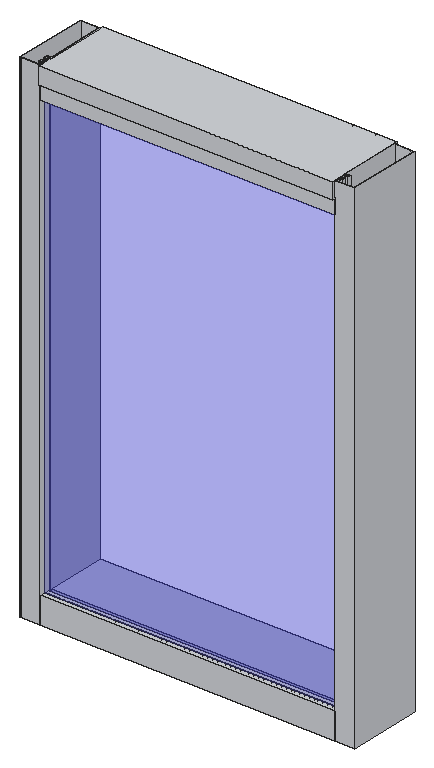
Revit family "ecoWALL 225", category Windows, host Wall, Revit 2021
Family settings
  Host = Wall
  OmniClass Number = 23.30.20.00
  OmniClass Title = Windows
  Always vertical = Yes
  Cut with Voids When Loaded = No
  Shared = No
  Room Calculation Point = No
Parameters
  Single Glazed [instance] = yes
  Rough Width = 0 mm  # constant formula
  Rough Height = 0 mm  # constant formula
  Height [instance] = 1500 mm
  Double Glazed [instance] = not(Single Glazed)  # no
  Default Sill Height = 800 mm
  Wall Closure = By host
  Width [instance] = 1000 mm
Reference planes
  plane 1 "Center (Front/Back)": y = 0
  plane 2 "Center (Left/Right)": x = 0
  plane 3 "Left": x = -500
  plane 4 "Right": x = 500
  plane 5 "Sill": z = 800
  plane 6 "Head": z = 2300
  plane 7 "Exterior": y = 100
  plane 8 "Interior": y = -100
Lines and regions (mm)
  Opening 1
    outline origin (3500, -100, 0) x (1, 0, 0) y (0, 0, 1)
      loop
        line (-3000, 800) -> (-3000, 2300) -> (-4000, 2300) -> (-4000, 800) -> (-3000, 800)
Text (mm)
  text "Exterior" at (-1963.203, 1332.353, 0), in view "Ref. Level"
  text "Interior" at (-1981.466, -818.386, 0), in view "Ref. Level"
  text "Exterior" at (0, 923.751, 2943.296), in view "Right"
  text "Exterior" at (0, 1040.484, 2685.409), in view "Left"
Dimensions and locks
  equal spacing: plane 3 "Left", plane 2 "Center (Left/Right)", plane 4 "Right"
  "Width": plane 3 "Left" to plane 4 "Right"
  "Height": plane 5 "Sill" to plane 6 "Head"
  "Default Sill Height": plane 5 "Sill" to level
  locked: plane 7 "Exterior" to host wall
  locked: plane 8 "Interior" to host wall
  aligned and locked: host wall to nested 1
  aligned and locked: nested 1 to plane 3 "Left"
  aligned and locked: nested 1 to plane 4 "Right"
  aligned and locked: nested 1 to plane 6 "Head"
  aligned and locked: nested 1 to plane 5 "Sill"
Automatic sketch dimensions
  Opening 1 sketch curve to plane 3 "Left" = 0 mm
  Opening 1 sketch curve to plane 4 "Right" = 0 mm
  Opening 1 sketch curve to plane 5 "Sill" = 0 mm
  Opening 1 sketch curve to plane 6 "Head" = 0 mm
Nested families
  nested 1: "ecoWALL 225" at (0, -0.979, 1002.904), type "ecoWALL 225"
    with Width 1000 mm, Overall Thickness Control 26 mm, Height 1500 mm, Glass Glass, Frame Material none, Double Glazing Thickness 26 mm, Air Gap Control 12 mm, Air Gap 14 mm
Definition of nested family "ecoWALL 225"
  Parameters (values of type "ecoWALL 225")
    Width [instance] = 750 mm
    URL = "https://www.alspec.com.au/derwent-76mm-centre-pocket-framing"
    Overall Thickness Control [instance] = if(Double Glazing Thickness > 28 mm, 28 mm, if(Double Glazing Thickness < 20 mm, 20 mm, Double Glazing Thickness))  # 26 mm
    Manufacturer = "ALSPEC"
    Jamb Width = 60 mm  # constant formula
    Height [instance] = 750 mm
    Glass [instance] = none
    Frame Material [instance] = none
    Double Glazing Thickness [instance] = 26 mm
    Designer = "Viraj Mhatre"
    Default Elevation = 0 mm
    Air Gap Control [instance] = if(Air Gap > 12 mm, 12 mm, if(Air Gap < 6 mm, 6 mm, Air Gap))  # 12 mm
    Air Gap [instance] = 14 mm
  Reference planes
    plane 1 "Center (Front/Back)": y = 0.979
    plane 2: z = 368.682
    plane 3 "Center (Left/Right)": x = 0
    plane 4 "Head Top": z = 1297.096
    plane 5 "Sill Bottom": z = 547.096
    plane 6: x = -375
    plane 7: x = 375
    plane 8: y = 13.979
    plane 9: y = 6.979
    plane 10: y = -5.021
    plane 11: y = -12.021
    plane 12: x = -315
    plane 13: x = 315
  Forms (mm)
    Extrusion 1, solid, material <- "Glass"
      sketch origin (0, 0, 0) x (0, 1, 0) y (0, 0, 1)
        loop
          line (13.979, 1216.002) -> (6.979, 1216.002) -> (6.979, 614.877) -> (13.979, 614.877) -> (13.979, 1216.002)
        loop
          line (-5.021, 1216.002) -> (-12.021, 1216.002) -> (-12.021, 614.877) -> (-5.021, 614.877) -> (-5.021, 1216.002)
      from -327.085 to 327.085
    Sweep 2, solid, material <- "Frame Material"
      path origin (0, 0, 368.682) x (1, 0, 0) y (0, 1, 0)
        loop
          line (-315, -26.521) -> (-315, -11.622) -> (-327.085, -11.622) -> (-327.085, -5.523) -> (-317.085, -5.523) -> (-317.085, 7.477) -> (-327.085, 7.477) -> (-327.085, 13.581) -> (-315, 13.581) -> (-315, 198.479) -> (-375, 198.479) -> (-375, -26.521) -> (-315, -26.521)
      profile origin (-315, -19.072, 368.682) x (-1, 0, 0) y (0, 0, 1)
        loop
          line (0, 178.414) -> (2, 178.414) -> (2, 928.414) -> (0, 928.414) -> (0, 178.414)
    Sweep 3, solid, material <- "Frame Material"
      path origin (0, 0, 368.682) x (1, 0, 0) y (0, 1, 0)
        loop
          line (315, -26.521) -> (375, -26.521) -> (375, 198.479) -> (315, 198.479) -> (315, 13.581) -> (327.085, 13.581) -> (327.085, 7.477) -> (317.085, 7.477) -> (317.085, -5.523) -> (327.085, -5.523) -> (327.085, -11.622) -> (315, -11.622) -> (315, -26.521)
      profile origin (315, -19.072, 368.682) x (-1, 0, 0) y (0, 0, 1)
        loop
          line (0, 178.414) -> (0, 928.414) -> (-2, 928.414) -> (-2, 178.414) -> (0, 178.414)
    Sweep 4, solid, material <- "Frame Material"
      path origin (0, 0, 0) x (0, 1, 0) y (0, 0, 1)
        loop
          line (198.517, 1203.988) -> (198.517, 1243.975) -> (206.721, 1243.975) -> (206.721, 1297.096) -> (-32.054, 1297.096) -> (-32.054, 1247.096) -> (-26.483, 1247.096) -> (-26.483, 1203.988) -> (-11.718, 1203.988) -> (-11.718, 1216.002) -> (-5.468, 1216.002) -> (-5.468, 1206.002) -> (7.532, 1206.002) -> (7.532, 1216.002) -> (13.677, 1216.002) -> (13.677, 1203.988) -> (198.517, 1203.988)
      profile origin (0, 106.097, 1203.988) x (0, 0, -1) y (1, 0, 0)
        loop
          line (0, -315) -> (0, 315) -> (-2, 315) -> (-2, -315) -> (0, -315)
    Sweep 5, solid, material <- "Frame Material"
      path origin (0, 0, 0) x (0, 1, 0) y (0, 0, 1)
        loop
          line (205.82, 547.096) -> (205.82, 590.875) -> (198.011, 590.875) -> (198.011, 626.875) -> (13.63, 626.875) -> (13.63, 614.877) -> (7.527, 614.877) -> (7.527, 624.877) -> (-5.473, 624.877) -> (-5.473, 614.877) -> (-11.672, 614.877) -> (-11.672, 626.877) -> (-26.489, 626.877) -> (-26.489, 547.096) -> (205.82, 547.096)
      profile origin (0, 89.666, 547.096) x (0, 0, -1) y (1, 0, 0)
        loop
          line (0, -315) -> (0, 315) -> (-2, 315) -> (-2, -315) -> (0, -315)
  Dimensions and locks
    "Height": plane 4 "Head Top" to plane 5 "Sill Bottom"
    equal spacing: plane 6, plane 3 "Center (Left/Right)", plane 7
    "Width": plane 6 to plane 7
    equal spacing: plane 8, plane 1 "Center (Front/Back)", plane 11
    "Overall Thickness Control": plane 8 to plane 11
    "Air Gap Control": plane 9 to plane 10
    equal spacing: plane 9, plane 1 "Center (Front/Back)", plane 10
    "Jamb Width": plane 6 to plane 12
    "Jamb Width": plane 13 to plane 7
    aligned and locked: level to plane 2
    aligned and locked: plane 8 to Extrusion 1 sketch curve
    aligned and locked: Extrusion 1 sketch curve to plane 9
    aligned and locked: plane 10 to Extrusion 1 sketch curve
    aligned and locked: Extrusion 1 sketch curve to plane 11
    aligned and locked: import instance to plane 1 "Center (Front/Back)"
    aligned and locked: import instance to plane 6
    aligned and locked: plane 1 "Center (Front/Back)" to import instance  (x3)
    aligned and locked: import instance to plane 7
    aligned and locked: Extrusion 1 sketch curve to Extrusion 1 sketch curve  (x2)
    aligned and locked: import instance to plane 4 "Head Top"
    aligned and locked: import instance to plane 5 "Sill Bottom"
    aligned and locked: Sweep 2 sketch curve to import instance  (x12)
    aligned and locked: Sweep 3 sketch curve to import instance  (x11)
    aligned and locked: Sweep 4 sketch curve to import instance  (x16)
    aligned and locked: Sweep 5 sketch curve to import instance  (x14)
    aligned and locked: Sweep 2 sketch curve to plane 4 "Head Top"
    aligned and locked: plane 5 "Sill Bottom" to Sweep 2 sketch curve
    aligned and locked: plane 4 "Head Top" to Sweep 3 sketch curve
    aligned and locked: Sweep 3 sketch curve to plane 5 "Sill Bottom"
    aligned and locked: Sweep 5 sketch curve to plane 13
    aligned and locked: plane 12 to Sweep 5 sketch curve
    aligned and locked: Sweep 4 sketch curve to plane 13
    aligned and locked: plane 12 to Sweep 4 sketch curve
    aligned and locked: Extrusion 1 to Sweep 2
    aligned and locked: Extrusion 1 to Sweep 3
    aligned and locked: Extrusion 1 to Sweep 5
    aligned and locked: Extrusion 1 to Sweep 4
  Automatic sketch dimensions
    plane 5 "Sill Bottom" to Extrusion 1 sketch curve = 67.781 mm
    Extrusion 1 sketch curve to plane 4 "Head Top" = 81.094 mm
    Sweep 2 sketch curve to profile plane = 0 mm
    Sweep 2 sketch curve to profile plane = 2 mm
    Sweep 3 sketch curve to Sweep 3 sketch curve = 0 mm
    Sweep 3 sketch curve to profile plane = 0 mm
    profile plane to Sweep 3 sketch curve = 2 mm
    Sweep 4 sketch curve to profile plane = 0 mm
    profile plane to Sweep 4 sketch curve = 2 mm
    Sweep 5 sketch curve to profile plane = 0 mm
    profile plane to Sweep 5 sketch curve = 2 mm
